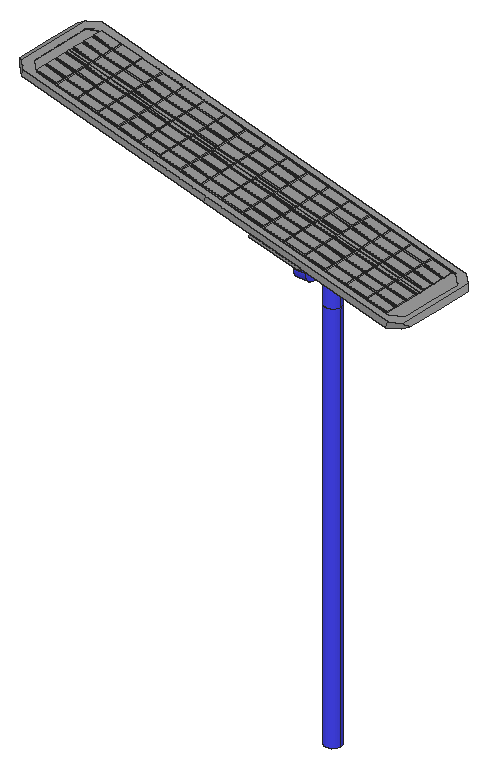
Revit family "BLS-10 & 8A", category Lighting Fixtures, host Face, Revit 2023 (continued)
Definition of nested family "BLS-10 & 8A - LIGHT FIXTURE"
  Nested families (ft)
    nested 2: "SOLAR CELLS" at (-1.133228, 0, 1.111308), type "SOLAR CELLS"
    nested 3: "SOLAR CELLS" at (-1.133228, 0, 1.111308), type "SOLAR CELLS"
    nested 4: "LED" at (-1.1059, 0, 1.500744), type "LED"
    nested 5: "DRIVER" at (-1.070728, 0, 1.092379), type "DRIVER"
    nested 6: "BRACKET" at (-1.057707, 0, 1.053316), type "BRACKET"
  Definition of nested family "SOLAR PANNEL"
    Parameters (values of type "SOLAR PANNEL")
      PANEL = none
      Default Elevation = 0.0 ft
    Reference planes (ft)
      plane 1 "Center (Front/Back)": y = 0
      plane 2: z = 0
      plane 3 "Center (Left/Right)": x = 0
      plane 4: x = -2.5625
      plane 5: x = 2.5625
    Forms (ft)
      Extrusion 1, solid, material <- "PANEL"
        sketch origin (-0.080496, 0, 0.017619) x (0.965926, 0, -0.258819) y (0, 1, 0)
          loop
            line (0, 0.625) -> (-2.395833, 0.625) -> (-2.5625, 0.458333) -> (-2.5625, 0) -> (-2.5625, -0.458333) -> (-2.395833, -0.625) -> (0, -0.625) -> (2.395833, -0.625) -> (2.5625, -0.458333) -> (2.5625, 0) -> (2.5625, 0.458333) -> (2.395833, 0.625) -> (0, 0.625)
        from 0 to 0.071648
      Extrusion 2, void
        sketch origin (-0.080496, 0, 0.017619) x (0.965926, 0, -0.258819) y (0.258819, 0, 0.965926)
          loop
            line (-2.509815, 0.071648) -> (-2.509815, 0.085602) -> (-2.598443, 0.085602) -> (-2.598443, -0.014686) -> (-2.509815, -0.014686) -> (-2.509815, 0) -> (-2.5625, 0.035824) -> (-2.509815, 0.071648)
        from -0.751194 to 0.763671
      Extrusion 3, void
        sketch origin (-0.080496, 0, 0.017619) x (-0.965926, 0, 0.258819) y (-0.258819, 0, -0.965926)
          loop
            line (-2.509815, -0.071648) -> (-2.5625, -0.035824) -> (-2.509815, 0) -> (-2.509815, 0.014686) -> (-2.598443, 0.014686) -> (-2.598443, -0.085602) -> (-2.509815, -0.085602) -> (-2.509815, -0.071648)
        from -0.751194 to 0.763671
      Extrusion 4, void
        sketch origin (-0.080496, 0, 0.017619) x (0.965926, 0, -0.258819) y (0, 1, 0)
          loop
            line (0, 0.535482) -> (-2.317981, 0.535482) -> (-2.441732, 0.411731) -> (-2.441732, 0) -> (-2.441732, -0.411731) -> (-2.317981, -0.535482) -> (0, -0.535482) -> (2.317981, -0.535482) -> (2.441732, -0.411731) -> (2.441732, 0) -> (2.441732, 0.411731) -> (2.317981, 0.535482) -> (0, 0.535482)
        from 0 to 0.008578
      Extrusion 5, void
        sketch origin (-0.047849, 0, 0.074167) x (0.965926, 0, -0.258819) y (0, 1, 0)
          loop
            line (0, 0.535482) -> (-2.317981, 0.535482) -> (-2.441732, 0.411731) -> (-2.441732, 0) -> (-2.441732, -0.411731) -> (-2.317981, -0.535482) -> (0, -0.535482) -> (2.317981, -0.535482) -> (2.441732, -0.411731) -> (2.441732, 0) -> (2.441732, 0.411731) -> (2.317981, 0.535482) -> (0, 0.535482)
        from 0 to 0.008578
    Cuts and joins
      Extrusion 2, Extrusion 3, Extrusion 4, Extrusion 5 cuts Extrusion 1
    Lines and regions (ft)
      reference lines
        curve 1: line (-2.486247, 0, 0.736414) -> (-2.546409, 0, 0.715447)
        curve 2: line (-2.504791, 0, 0.667207) -> (-2.546409, 0, 0.715447)
    Dimensions and locks (ft)
      aligned and locked: plane 2 to level
  Definition of nested family "SOLAR CELLS"
    Parameters (values of type "SOLAR CELLS")
      SOLAR PANEL = none
      Default Elevation = 0.0 ft
    Reference planes (ft)
      plane 1 "Center (Front/Back)": y = 0
      plane 2: z = 0
      plane 3 "Center (Left/Right)": x = 0
      plane 4: through (0, -15, 0) normal (-0.2588, 0, 0.9659)
    Forms (ft)
      Extrusion 1, solid, material <- "SOLAR PANEL"
        sketch origin (-0.00078, 0, 0.000446) x (0.965926, 0, -0.258819) y (0, 1, 0)
          loop
            line (-2.301929, 0.513338) -> (-2.301929, 0.388338) -> (-2.051929, 0.388338) -> (-2.051929, 0.513338) -> (-2.301929, 0.513338)
        from -0.007337 to 0
      Extrusion 2, solid, material <- "SOLAR PANEL"
        sketch origin (4.204993, 0, -1.126606) x (0.965926, 0, -0.258819) y (0, 1, 0)
          loop
            line (-2.301929, 0.513338) -> (-2.301929, 0.388338) -> (-2.051929, 0.388338) -> (-2.051929, 0.513338) -> (-2.301929, 0.513338)
        from -0.007337 to 0
      Extrusion 3, solid, material <- "SOLAR PANEL"
        sketch origin (0.262054, 0, -0.070099) x (0.965926, 0, -0.258819) y (0, 1, 0)
          loop
            line (-2.301929, 0.513338) -> (-2.301929, 0.388338) -> (-2.051929, 0.388338) -> (-2.051929, 0.513338) -> (-2.301929, 0.513338)
        from -0.007337 to 0
      Extrusion 4, solid, material <- "SOLAR PANEL"
        sketch origin (0.524916, 0, -0.140533) x (0.965926, 0, -0.258819) y (0, 1, 0)
          loop
            line (-2.301929, 0.513338) -> (-2.301929, 0.388338) -> (-2.051929, 0.388338) -> (-2.051929, 0.513338) -> (-2.301929, 0.513338)
        from -0.007337 to 0
      Extrusion 5, solid, material <- "SOLAR PANEL"
        sketch origin (0.787779, 0, -0.210966) x (0.965926, 0, -0.258819) y (0, 1, 0)
          loop
            line (-2.301929, 0.513338) -> (-2.301929, 0.388338) -> (-2.051929, 0.388338) -> (-2.051929, 0.513338) -> (-2.301929, 0.513338)
        from -0.007337 to 0
      Extrusion 6, solid, material <- "SOLAR PANEL"
        sketch origin (1.050641, 0, -0.2814) x (0.965926, 0, -0.258819) y (0, 1, 0)
          loop
            line (-2.301929, 0.513338) -> (-2.301929, 0.388338) -> (-2.051929, 0.388338) -> (-2.051929, 0.513338) -> (-2.301929, 0.513338)
        from -0.007337 to 0
      Extrusion 7, solid, material <- "SOLAR PANEL"
        sketch origin (1.313504, 0, -0.351834) x (0.965926, 0, -0.258819) y (0, 1, 0)
          loop
            line (-2.301929, 0.513338) -> (-2.301929, 0.388338) -> (-2.051929, 0.388338) -> (-2.051929, 0.513338) -> (-2.301929, 0.513338)
        from -0.007337 to 0
      Extrusion 8, solid, material <- "SOLAR PANEL"
        sketch origin (1.576367, 0, -0.422268) x (0.965926, 0, -0.258819) y (0, 1, 0)
          loop
            line (-2.301929, 0.513338) -> (-2.301929, 0.388338) -> (-2.051929, 0.388338) -> (-2.051929, 0.513338) -> (-2.301929, 0.513338)
        from -0.007337 to 0
      Extrusion 9, solid, material <- "SOLAR PANEL"
        sketch origin (1.839229, 0, -0.492702) x (0.965926, 0, -0.258819) y (0, 1, 0)
          loop
            line (-2.301929, 0.513338) -> (-2.301929, 0.388338) -> (-2.051929, 0.388338) -> (-2.051929, 0.513338) -> (-2.301929, 0.513338)
        from -0.007337 to 0
      Extrusion 10, solid, material <- "SOLAR PANEL"
        sketch origin (2.102092, 0, -0.563135) x (0.965926, 0, -0.258819) y (0, 1, 0)
          loop
            line (-2.301929, 0.513338) -> (-2.301929, 0.388338) -> (-2.051929, 0.388338) -> (-2.051929, 0.513338) -> (-2.301929, 0.513338)
        from -0.007337 to 0
      Extrusion 11, solid, material <- "SOLAR PANEL"
        sketch origin (2.364955, 0, -0.633569) x (0.965926, 0, -0.258819) y (0, 1, 0)
          loop
            line (-2.301929, 0.513338) -> (-2.301929, 0.388338) -> (-2.051929, 0.388338) -> (-2.051929, 0.513338) -> (-2.301929, 0.513338)
        from -0.007337 to 0
      Extrusion 12, solid, material <- "SOLAR PANEL"
        sketch origin (2.627817, 0, -0.704003) x (0.965926, 0, -0.258819) y (0, 1, 0)
          loop
            line (-2.301929, 0.513338) -> (-2.301929, 0.388338) -> (-2.051929, 0.388338) -> (-2.051929, 0.513338) -> (-2.301929, 0.513338)
        from -0.007337 to 0
      Extrusion 13, solid, material <- "SOLAR PANEL"
        sketch origin (2.89068, 0, -0.774437) x (0.965926, 0, -0.258819) y (0, 1, 0)
          loop
            line (-2.301929, 0.513338) -> (-2.301929, 0.388338) -> (-2.051929, 0.388338) -> (-2.051929, 0.513338) -> (-2.301929, 0.513338)
        from -0.007337 to 0
      Extrusion 14, solid, material <- "SOLAR PANEL"
        sketch origin (3.153542, 0, -0.844871) x (0.965926, 0, -0.258819) y (0, 1, 0)
          loop
            line (-2.301929, 0.513338) -> (-2.301929, 0.388338) -> (-2.051929, 0.388338) -> (-2.051929, 0.513338) -> (-2.301929, 0.513338)
        from -0.007337 to 0
      Extrusion 15, solid, material <- "SOLAR PANEL"
        sketch origin (3.416405, 0, -0.915305) x (0.965926, 0, -0.258819) y (0, 1, 0)
          loop
            line (-2.301929, 0.513338) -> (-2.301929, 0.388338) -> (-2.051929, 0.388338) -> (-2.051929, 0.513338) -> (-2.301929, 0.513338)
        from -0.007337 to 0
      Extrusion 16, solid, material <- "SOLAR PANEL"
        sketch origin (3.679268, 0, -0.985738) x (0.965926, 0, -0.258819) y (0, 1, 0)
          loop
            line (-2.301929, 0.513338) -> (-2.301929, 0.388338) -> (-2.051929, 0.388338) -> (-2.051929, 0.513338) -> (-2.301929, 0.513338)
        from -0.007337 to 0
      Extrusion 17, solid, material <- "SOLAR PANEL"
        sketch origin (3.94213, 0, -1.056172) x (0.965926, 0, -0.258819) y (0, 1, 0)
          loop
            line (-2.301929, 0.513338) -> (-2.301929, 0.388338) -> (-2.051929, 0.388338) -> (-2.051929, 0.513338) -> (-2.301929, 0.513338)
        from -0.007337 to 0
      Extrusion 18, solid, material <- "SOLAR PANEL"
        sketch origin (-0.000809, -0.15625, 0.000335) x (0.965926, 0, -0.258819) y (0, 1, 0)
          loop
            line (-2.301929, 0.513338) -> (-2.301929, 0.388338) -> (-2.051929, 0.388338) -> (-2.051929, 0.513338) -> (-2.301929, 0.513338)
        from -0.007337 to 0
      Extrusion 19, solid, material <- "SOLAR PANEL"
        sketch origin (-0.000809, -0.3125, 0.000335) x (0.965926, 0, -0.258819) y (0, 1, 0)
          loop
            line (-2.301929, 0.513338) -> (-2.301929, 0.388338) -> (-2.051929, 0.388338) -> (-2.051929, 0.513338) -> (-2.301929, 0.513338)
        from -0.007337 to 0
      Extrusion 20, solid, material <- "SOLAR PANEL"
        sketch origin (4.204993, -0.15625, -1.126606) x (0.965926, 0, -0.258819) y (0, 1, 0)
          loop
            line (-2.301929, 0.513338) -> (-2.301929, 0.388338) -> (-2.051929, 0.388338) -> (-2.051929, 0.513338) -> (-2.301929, 0.513338)
        from -0.007337 to 0
      Extrusion 21, solid, material <- "SOLAR PANEL"
        sketch origin (0.262054, -0.15625, -0.070099) x (0.965926, 0, -0.258819) y (0, 1, 0)
          loop
            line (-2.301929, 0.513338) -> (-2.301929, 0.388338) -> (-2.051929, 0.388338) -> (-2.051929, 0.513338) -> (-2.301929, 0.513338)
        from -0.007337 to 0
      Extrusion 22, solid, material <- "SOLAR PANEL"
        sketch origin (0.524916, -0.15625, -0.140533) x (0.965926, 0, -0.258819) y (0, 1, 0)
          loop
            line (-2.301929, 0.513338) -> (-2.301929, 0.388338) -> (-2.051929, 0.388338) -> (-2.051929, 0.513338) -> (-2.301929, 0.513338)
        from -0.007337 to 0
      Extrusion 23, solid, material <- "SOLAR PANEL"
        sketch origin (0.787779, -0.15625, -0.210966) x (0.965926, 0, -0.258819) y (0, 1, 0)
          loop
            line (-2.301929, 0.513338) -> (-2.301929, 0.388338) -> (-2.051929, 0.388338) -> (-2.051929, 0.513338) -> (-2.301929, 0.513338)
        from -0.007337 to 0
      Extrusion 24, solid, material <- "SOLAR PANEL"
        sketch origin (1.050641, -0.15625, -0.2814) x (0.965926, 0, -0.258819) y (0, 1, 0)
          loop
            line (-2.301929, 0.513338) -> (-2.301929, 0.388338) -> (-2.051929, 0.388338) -> (-2.051929, 0.513338) -> (-2.301929, 0.513338)
        from -0.007337 to 0
      Extrusion 25, solid, material <- "SOLAR PANEL"
        sketch origin (1.313504, -0.15625, -0.351834) x (0.965926, 0, -0.258819) y (0, 1, 0)
          loop
            line (-2.301929, 0.513338) -> (-2.301929, 0.388338) -> (-2.051929, 0.388338) -> (-2.051929, 0.513338) -> (-2.301929, 0.513338)
        from -0.007337 to 0
      Extrusion 26, solid, material <- "SOLAR PANEL"
        sketch origin (1.576367, -0.15625, -0.422268) x (0.965926, 0, -0.258819) y (0, 1, 0)
          loop
            line (-2.301929, 0.513338) -> (-2.301929, 0.388338) -> (-2.051929, 0.388338) -> (-2.051929, 0.513338) -> (-2.301929, 0.513338)
        from -0.007337 to 0
      Extrusion 27, solid, material <- "SOLAR PANEL"
        sketch origin (1.839229, -0.15625, -0.492702) x (0.965926, 0, -0.258819) y (0, 1, 0)
          loop
            line (-2.301929, 0.513338) -> (-2.301929, 0.388338) -> (-2.051929, 0.388338) -> (-2.051929, 0.513338) -> (-2.301929, 0.513338)
        from -0.007337 to 0
      Extrusion 28, solid, material <- "SOLAR PANEL"
        sketch origin (2.102092, -0.15625, -0.563135) x (0.965926, 0, -0.258819) y (0, 1, 0)
          loop
            line (-2.301929, 0.513338) -> (-2.301929, 0.388338) -> (-2.051929, 0.388338) -> (-2.051929, 0.513338) -> (-2.301929, 0.513338)
        from -0.007337 to 0
      Extrusion 29, solid, material <- "SOLAR PANEL"
        sketch origin (2.364955, -0.15625, -0.633569) x (0.965926, 0, -0.258819) y (0, 1, 0)
          loop
            line (-2.301929, 0.513338) -> (-2.301929, 0.388338) -> (-2.051929, 0.388338) -> (-2.051929, 0.513338) -> (-2.301929, 0.513338)
        from -0.007337 to 0
      Extrusion 30, solid, material <- "SOLAR PANEL"
        sketch origin (2.627817, -0.15625, -0.704003) x (0.965926, 0, -0.258819) y (0, 1, 0)
          loop
            line (-2.301929, 0.513338) -> (-2.301929, 0.388338) -> (-2.051929, 0.388338) -> (-2.051929, 0.513338) -> (-2.301929, 0.513338)
        from -0.007337 to 0
      Extrusion 31, solid, material <- "SOLAR PANEL"
        sketch origin (2.89068, -0.15625, -0.774437) x (0.965926, 0, -0.258819) y (0, 1, 0)
          loop
            line (-2.301929, 0.513338) -> (-2.301929, 0.388338) -> (-2.051929, 0.388338) -> (-2.051929, 0.513338) -> (-2.301929, 0.513338)
        from -0.007337 to 0
      Extrusion 32, solid, material <- "SOLAR PANEL"
        sketch origin (3.153542, -0.15625, -0.844871) x (0.965926, 0, -0.258819) y (0, 1, 0)
          loop
            line (-2.301929, 0.513338) -> (-2.301929, 0.388338) -> (-2.051929, 0.388338) -> (-2.051929, 0.513338) -> (-2.301929, 0.513338)
        from -0.007337 to 0
      Extrusion 33, solid, material <- "SOLAR PANEL"
        sketch origin (3.416405, -0.15625, -0.915305) x (0.965926, 0, -0.258819) y (0, 1, 0)
          loop
            line (-2.301929, 0.513338) -> (-2.301929, 0.388338) -> (-2.051929, 0.388338) -> (-2.051929, 0.513338) -> (-2.301929, 0.513338)
        from -0.007337 to 0
      Extrusion 34, solid, material <- "SOLAR PANEL"
        sketch origin (3.679268, -0.15625, -0.985738) x (0.965926, 0, -0.258819) y (0, 1, 0)
          loop
            line (-2.301929, 0.513338) -> (-2.301929, 0.388338) -> (-2.051929, 0.388338) -> (-2.051929, 0.513338) -> (-2.301929, 0.513338)
        from -0.007337 to 0
      Extrusion 35, solid, material <- "SOLAR PANEL"
        sketch origin (3.94213, -0.15625, -1.056172) x (0.965926, 0, -0.258819) y (0, 1, 0)
          loop
            line (-2.301929, 0.513338) -> (-2.301929, 0.388338) -> (-2.051929, 0.388338) -> (-2.051929, 0.513338) -> (-2.301929, 0.513338)
        from -0.007337 to 0
      Extrusion 36, solid, material <- "SOLAR PANEL"
        sketch origin (4.204993, -0.3125, -1.126606) x (0.965926, 0, -0.258819) y (0, 1, 0)
          loop
            line (-2.301929, 0.513338) -> (-2.301929, 0.388338) -> (-2.051929, 0.388338) -> (-2.051929, 0.513338) -> (-2.301929, 0.513338)
        from -0.007337 to 0
      Extrusion 37, solid, material <- "SOLAR PANEL"
        sketch origin (0.262054, -0.3125, -0.070099) x (0.965926, 0, -0.258819) y (0, 1, 0)
          loop
            line (-2.301929, 0.513338) -> (-2.301929, 0.388338) -> (-2.051929, 0.388338) -> (-2.051929, 0.513338) -> (-2.301929, 0.513338)
        from -0.007337 to 0
      Extrusion 38, solid, material <- "SOLAR PANEL"
        sketch origin (0.524916, -0.3125, -0.140533) x (0.965926, 0, -0.258819) y (0, 1, 0)
          loop
            line (-2.301929, 0.513338) -> (-2.301929, 0.388338) -> (-2.051929, 0.388338) -> (-2.051929, 0.513338) -> (-2.301929, 0.513338)
        from -0.007337 to 0
      Extrusion 39, solid, material <- "SOLAR PANEL"
        sketch origin (0.787779, -0.3125, -0.210966) x (0.965926, 0, -0.258819) y (0, 1, 0)
          loop
            line (-2.301929, 0.513338) -> (-2.301929, 0.388338) -> (-2.051929, 0.388338) -> (-2.051929, 0.513338) -> (-2.301929, 0.513338)
        from -0.007337 to 0
      Extrusion 40, solid, material <- "SOLAR PANEL"
        sketch origin (1.050641, -0.3125, -0.2814) x (0.965926, 0, -0.258819) y (0, 1, 0)
          loop
            line (-2.301929, 0.513338) -> (-2.301929, 0.388338) -> (-2.051929, 0.388338) -> (-2.051929, 0.513338) -> (-2.301929, 0.513338)
        from -0.007337 to 0
      Extrusion 41, solid, material <- "SOLAR PANEL"
        sketch origin (1.313504, -0.3125, -0.351834) x (0.965926, 0, -0.258819) y (0, 1, 0)
          loop
            line (-2.301929, 0.513338) -> (-2.301929, 0.388338) -> (-2.051929, 0.388338) -> (-2.051929, 0.513338) -> (-2.301929, 0.513338)
        from -0.007337 to 0
      Extrusion 42, solid, material <- "SOLAR PANEL"
        sketch origin (1.576367, -0.3125, -0.422268) x (0.965926, 0, -0.258819) y (0, 1, 0)
          loop
            line (-2.301929, 0.513338) -> (-2.301929, 0.388338) -> (-2.051929, 0.388338) -> (-2.051929, 0.513338) -> (-2.301929, 0.513338)
        from -0.007337 to 0
      Extrusion 43, solid, material <- "SOLAR PANEL"
        sketch origin (1.839229, -0.3125, -0.492702) x (0.965926, 0, -0.258819) y (0, 1, 0)
          loop
            line (-2.301929, 0.513338) -> (-2.301929, 0.388338) -> (-2.051929, 0.388338) -> (-2.051929, 0.513338) -> (-2.301929, 0.513338)
        from -0.007337 to 0
      Extrusion 44, solid, material <- "SOLAR PANEL"
        sketch origin (2.102092, -0.3125, -0.563135) x (0.965926, 0, -0.258819) y (0, 1, 0)
          loop
            line (-2.301929, 0.513338) -> (-2.301929, 0.388338) -> (-2.051929, 0.388338) -> (-2.051929, 0.513338) -> (-2.301929, 0.513338)
        from -0.007337 to 0
      Extrusion 45, solid, material <- "SOLAR PANEL"
        sketch origin (2.364955, -0.3125, -0.633569) x (0.965926, 0, -0.258819) y (0, 1, 0)
          loop
            line (-2.301929, 0.513338) -> (-2.301929, 0.388338) -> (-2.051929, 0.388338) -> (-2.051929, 0.513338) -> (-2.301929, 0.513338)
        from -0.007337 to 0
      Extrusion 46, solid, material <- "SOLAR PANEL"
        sketch origin (2.627817, -0.3125, -0.704003) x (0.965926, 0, -0.258819) y (0, 1, 0)
          loop
            line (-2.301929, 0.513338) -> (-2.301929, 0.388338) -> (-2.051929, 0.388338) -> (-2.051929, 0.513338) -> (-2.301929, 0.513338)
        from -0.007337 to 0
      Extrusion 47, solid, material <- "SOLAR PANEL"
        sketch origin (2.89068, -0.3125, -0.774437) x (0.965926, 0, -0.258819) y (0, 1, 0)
          loop
            line (-2.301929, 0.513338) -> (-2.301929, 0.388338) -> (-2.051929, 0.388338) -> (-2.051929, 0.513338) -> (-2.301929, 0.513338)
        from -0.007337 to 0
      Extrusion 48, solid, material <- "SOLAR PANEL"
        sketch origin (3.153542, -0.3125, -0.844871) x (0.965926, 0, -0.258819) y (0, 1, 0)
          loop
            line (-2.301929, 0.513338) -> (-2.301929, 0.388338) -> (-2.051929, 0.388338) -> (-2.051929, 0.513338) -> (-2.301929, 0.513338)
        from -0.007337 to 0
      Extrusion 49, solid, material <- "SOLAR PANEL"
        sketch origin (3.416405, -0.3125, -0.915305) x (0.965926, 0, -0.258819) y (0, 1, 0)
          loop
            line (-2.301929, 0.513338) -> (-2.301929, 0.388338) -> (-2.051929, 0.388338) -> (-2.051929, 0.513338) -> (-2.301929, 0.513338)
        from -0.007337 to 0
      Extrusion 50, solid, material <- "SOLAR PANEL"
        sketch origin (3.679268, -0.3125, -0.985738) x (0.965926, 0, -0.258819) y (0, 1, 0)
          loop
            line (-2.301929, 0.513338) -> (-2.301929, 0.388338) -> (-2.051929, 0.388338) -> (-2.051929, 0.513338) -> (-2.301929, 0.513338)
        from -0.007337 to 0
      Extrusion 51, solid, material <- "SOLAR PANEL"
        sketch origin (3.94213, -0.3125, -1.056172) x (0.965926, 0, -0.258819) y (0, 1, 0)
          loop
            line (-2.301929, 0.513338) -> (-2.301929, 0.388338) -> (-2.051929, 0.388338) -> (-2.051929, 0.513338) -> (-2.301929, 0.513338)
        from -0.007337 to 0
      Extrusion 52, solid, material <- "SOLAR PANEL"
        sketch origin (-0.000809, -0.46875, 0.000335) x (0.965926, 0, -0.258819) y (0, 1, 0)
          loop
            line (-2.301929, 0.513338) -> (-2.301929, 0.46875) -> (-2.051929, 0.46875) -> (-2.051929, 0.513338) -> (-2.301929, 0.513338)
        from -0.007337 to 0
      Extrusion 53, solid, material <- "SOLAR PANEL"
        sketch origin (4.207508, -0.46875, -1.12728) x (0.965926, 0, -0.258819) y (0, 1, 0)
          loop
            line (-2.301929, 0.513338) -> (-2.301929, 0.46875) -> (-2.051929, 0.46875) -> (-2.051929, 0.513338) -> (-2.301929, 0.513338)
        from -0.007337 to 0
      Extrusion 54, solid, material <- "SOLAR PANEL"
        sketch origin (0.262211, -0.46875, -0.070141) x (0.965926, 0, -0.258819) y (0, 1, 0)
          loop
            line (-2.301929, 0.513338) -> (-2.301929, 0.46875) -> (-2.051929, 0.46875) -> (-2.051929, 0.513338) -> (-2.301929, 0.513338)
        from -0.007337 to 0
      Extrusion 55, solid, material <- "SOLAR PANEL"
        sketch origin (0.525231, -0.46875, -0.140617) x (0.965926, 0, -0.258819) y (0, 1, 0)
          loop
            line (-2.301929, 0.513338) -> (-2.301929, 0.46875) -> (-2.051929, 0.46875) -> (-2.051929, 0.513338) -> (-2.301929, 0.513338)
        from -0.007337 to 0
      Extrusion 56, solid, material <- "SOLAR PANEL"
        sketch origin (0.78825, -0.46875, -0.211093) x (0.965926, 0, -0.258819) y (0, 1, 0)
          loop
            line (-2.301929, 0.513338) -> (-2.301929, 0.46875) -> (-2.051929, 0.46875) -> (-2.051929, 0.513338) -> (-2.301929, 0.513338)
        from -0.007337 to 0
      Extrusion 57, solid, material <- "SOLAR PANEL"
        sketch origin (1.05127, -0.46875, -0.281569) x (0.965926, 0, -0.258819) y (0, 1, 0)
          loop
            line (-2.301929, 0.513338) -> (-2.301929, 0.46875) -> (-2.051929, 0.46875) -> (-2.051929, 0.513338) -> (-2.301929, 0.513338)
        from -0.007337 to 0
      Extrusion 58, solid, material <- "SOLAR PANEL"
        sketch origin (1.31429, -0.46875, -0.352045) x (0.965926, 0, -0.258819) y (0, 1, 0)
          loop
            line (-2.301929, 0.513338) -> (-2.301929, 0.46875) -> (-2.051929, 0.46875) -> (-2.051929, 0.513338) -> (-2.301929, 0.513338)
        from -0.007337 to 0
      Extrusion 59, solid, material <- "SOLAR PANEL"
        sketch origin (1.57731, -0.46875, -0.422521) x (0.965926, 0, -0.258819) y (0, 1, 0)
          loop
            line (-2.301929, 0.513338) -> (-2.301929, 0.46875) -> (-2.051929, 0.46875) -> (-2.051929, 0.513338) -> (-2.301929, 0.513338)
        from -0.007337 to 0
      Extrusion 60, solid, material <- "SOLAR PANEL"
        sketch origin (1.84033, -0.46875, -0.492997) x (0.965926, 0, -0.258819) y (0, 1, 0)
          loop
            line (-2.301929, 0.513338) -> (-2.301929, 0.46875) -> (-2.051929, 0.46875) -> (-2.051929, 0.513338) -> (-2.301929, 0.513338)
        from -0.007337 to 0
      Extrusion 61, solid, material <- "SOLAR PANEL"
        sketch origin (2.10335, -0.46875, -0.563472) x (0.965926, 0, -0.258819) y (0, 1, 0)
          loop
            line (-2.301929, 0.513338) -> (-2.301929, 0.46875) -> (-2.051929, 0.46875) -> (-2.051929, 0.513338) -> (-2.301929, 0.513338)
        from -0.007337 to 0
      Extrusion 62, solid, material <- "SOLAR PANEL"
        sketch origin (2.366369, -0.46875, -0.633948) x (0.965926, 0, -0.258819) y (0, 1, 0)
          loop
            line (-2.301929, 0.513338) -> (-2.301929, 0.46875) -> (-2.051929, 0.46875) -> (-2.051929, 0.513338) -> (-2.301929, 0.513338)
        from -0.007337 to 0
      Extrusion 63, solid, material <- "SOLAR PANEL"
        sketch origin (2.629389, -0.46875, -0.704424) x (0.965926, 0, -0.258819) y (0, 1, 0)
          loop
            line (-2.301929, 0.513338) -> (-2.301929, 0.46875) -> (-2.051929, 0.46875) -> (-2.051929, 0.513338) -> (-2.301929, 0.513338)
        from -0.007337 to 0
      Extrusion 64, solid, material <- "SOLAR PANEL"
        sketch origin (2.892409, -0.46875, -0.7749) x (0.965926, 0, -0.258819) y (0, 1, 0)
          loop
            line (-2.301929, 0.513338) -> (-2.301929, 0.46875) -> (-2.051929, 0.46875) -> (-2.051929, 0.513338) -> (-2.301929, 0.513338)
        from -0.007337 to 0
      Extrusion 65, solid, material <- "SOLAR PANEL"
        sketch origin (3.155429, -0.46875, -0.845376) x (0.965926, 0, -0.258819) y (0, 1, 0)
          loop
            line (-2.301929, 0.513338) -> (-2.301929, 0.46875) -> (-2.051929, 0.46875) -> (-2.051929, 0.513338) -> (-2.301929, 0.513338)
        from -0.007337 to 0
      Extrusion 66, solid, material <- "SOLAR PANEL"
        sketch origin (3.418449, -0.46875, -0.915852) x (0.965926, 0, -0.258819) y (0, 1, 0)
          loop
            line (-2.301929, 0.513338) -> (-2.301929, 0.46875) -> (-2.051929, 0.46875) -> (-2.051929, 0.513338) -> (-2.301929, 0.513338)
        from -0.007337 to 0
      Extrusion 67, solid, material <- "SOLAR PANEL"
        sketch origin (3.681469, -0.46875, -0.986328) x (0.965926, 0, -0.258819) y (0, 1, 0)
          loop
            line (-2.301929, 0.513338) -> (-2.301929, 0.46875) -> (-2.051929, 0.46875) -> (-2.051929, 0.513338) -> (-2.301929, 0.513338)
        from -0.007337 to 0
      Extrusion 68, solid, material <- "SOLAR PANEL"
        sketch origin (3.944489, -0.46875, -1.056804) x (0.965926, 0, -0.258819) y (0, 1, 0)
          loop
            line (-2.301929, 0.513338) -> (-2.301929, 0.46875) -> (-2.051929, 0.46875) -> (-2.051929, 0.513338) -> (-2.301929, 0.513338)
        from -0.007337 to 0
    Dimensions and locks (ft)
      equal spacing: group 1, group 3, group 4, group 5, group 6, group 7, group 8, group 9, group 10, group 11, group 12, group 13, group 14, group 15, group 16, group 17, group 2  (x2)
      equal spacing: group 2, group 17, group 16, group 15, group 14, group 13, group 12, group 11, group 10, group 9, group 8, group 7, group 6, group 5, group 4, group 3, group 1
      equal spacing: group 18, group 21, group 22, group 23, group 24, group 25, group 26, group 27, group 28, group 29, group 30, group 31, group 32, group 33, group 34, group 35, group 20  (x2)
      equal spacing: group 20, group 35, group 34, group 33, group 32, group 31, group 30, group 29, group 28, group 27, group 26, group 25, group 24, group 23, group 22, group 21, group 18
      equal spacing: group 19, group 37, group 38, group 39, group 40, group 41, group 42, group 43, group 44, group 45, group 46, group 47, group 48, group 49, group 50, group 51, group 36  (x2)
      equal spacing: group 36, group 51, group 50, group 49, group 48, group 47, group 46, group 45, group 44, group 43, group 42, group 41, group 40, group 39, group 38, group 37, group 19
      equal spacing: group 52, group 54, group 55, group 56, group 57, group 58, group 59, group 60, group 61, group 62, group 63, group 64, group 65, group 66, group 67, group 68, group 53  (x2)
      equal spacing: group 53, group 68, group 67, group 66, group 65, group 64, group 63, group 62, group 61, group 60, group 59, group 58, group 57, group 56, group 55, group 54, group 52
      aligned and locked: plane 2 to level
  Definition of nested family "LED"
    Parameters (values of type "LED")
      PANEL = none
      LENS = none
      LED CHIP = none
      Default Elevation = 0.0 ft
    Reference planes (ft)
      plane 1 "Center (Front/Back)": y = 0
      plane 2: z = 0
      plane 3 "Center (Left/Right)": x = 0
    Forms (ft)
      Extrusion 1, solid, material <- "LED CHIP"
        sketch origin (-2.300352, 0, -0.370938) x (-0.965878, 0, 0.258996) y (0, 1, 0)
          loop
            circle (-2.0653, 0.192913) r 0.0625
        from -0.492008 to -0.480513
      Extrusion 2, solid, material <- "LENS"
        sketch origin (-2.289253, 0, -0.388806) x (-0.967417, 0, 0.253187) y (0, 1, 0)
          loop
            line (-2.144424, 0.272633) -> (-2.144424, 0.105966)
            arc (-2.144424, 0.105966) -> (-2.050674, 0.06626) -> (-1.956924, 0.105966) r 0.13053
            line (-1.956924, 0.105966) -> (-1.956924, 0.272633)
            arc (-1.956924, 0.272633) -> (-2.050674, 0.312339) -> (-2.144424, 0.272633) r 0.13053
        from -0.494077 to -0.45051
      Extrusion 3, solid, material <- "LED CHIP"
        sketch origin (-2.545955, 0, -0.304817) x (-0.965878, 0, 0.258996) y (0, 1, 0)
          loop
            circle (-2.0653, 0.192913) r 0.0625
        from -0.492008 to -0.480513
      Extrusion 4, solid, material <- "LENS"
        sketch origin (-2.530822, 0, -0.32351) x (-0.967417, 0, 0.253187) y (0, 1, 0)
          loop
            line (-2.144424, 0.272633) -> (-2.144424, 0.105966)
            arc (-2.144424, 0.105966) -> (-2.050674, 0.06626) -> (-1.956924, 0.105966) r 0.13053
            line (-1.956924, 0.105966) -> (-1.956924, 0.272633)
            arc (-1.956924, 0.272633) -> (-2.050674, 0.312339) -> (-2.144424, 0.272633) r 0.13053
        from -0.494077 to -0.45051
      Extrusion 5, solid, material <- "LED CHIP"
        sketch origin (-2.770901, 0, -0.244798) x (-0.965878, 0, 0.258996) y (0, 1, 0)
          loop
            circle (-2.0653, 0.192913) r 0.0625
        from -0.492008 to -0.480513
      Extrusion 6, solid, material <- "LENS"
        sketch origin (-2.759802, 0, -0.262666) x (-0.967417, 0, 0.253187) y (0, 1, 0)
          loop
            line (-2.144424, 0.272633) -> (-2.144424, 0.105966)
            arc (-2.144424, 0.105966) -> (-2.050674, 0.06626) -> (-1.956924, 0.105966) r 0.13053
            line (-1.956924, 0.105966) -> (-1.956924, 0.272633)
            arc (-1.956924, 0.272633) -> (-2.050674, 0.312339) -> (-2.144424, 0.272633) r 0.13053
        from -0.494077 to -0.45051
      Extrusion 7, solid, material <- "LED CHIP"
        sketch origin (-3.010215, 0, -0.180805) x (-0.965878, 0, 0.258996) y (0, 1, 0)
          loop
            circle (-2.0653, 0.192913) r 0.0625
        from -0.492008 to -0.480513
      Extrusion 8, solid, material <- "LENS"
        sketch origin (-2.999116, 0, -0.198673) x (-0.967417, 0, 0.253187) y (0, 1, 0)
          loop
            line (-2.144424, 0.272633) -> (-2.144424, 0.105966)
            arc (-2.144424, 0.105966) -> (-2.050674, 0.06626) -> (-1.956924, 0.105966) r 0.13053
            line (-1.956924, 0.105966) -> (-1.956924, 0.272633)
            arc (-1.956924, 0.272633) -> (-2.050674, 0.312339) -> (-2.144424, 0.272633) r 0.13053
        from -0.494077 to -0.45051
      Extrusion 9, solid, material <- "LED CHIP"
        sketch origin (-2.300352, 0, -0.370938) x (-0.965878, 0, 0.258996) y (0, 1, 0)
          loop
            circle (-2.0653, -0.192913) r 0.0625
        from -0.492008 to -0.480513
      Extrusion 10, solid, material <- "LENS"
        sketch origin (-2.289253, 0, -0.388806) x (-0.967417, 0, 0.253187) y (0, 1, 0)
          loop
            arc (-2.144424, -0.272633) -> (-2.050674, -0.312339) -> (-1.956924, -0.272633) r 0.13053
            line (-1.956924, -0.272633) -> (-1.956924, -0.105966)
            arc (-1.956924, -0.105966) -> (-2.050674, -0.06626) -> (-2.144424, -0.105966) r 0.13053
            line (-2.144424, -0.105966) -> (-2.144424, -0.272633)
        from -0.494077 to -0.45051
      Extrusion 11, solid, material <- "LED CHIP"
        sketch origin (-2.545955, 0, -0.304817) x (-0.965878, 0, 0.258996) y (0, 1, 0)
          loop
            circle (-2.0653, -0.192913) r 0.0625
        from -0.492008 to -0.480513
      Extrusion 12, solid, material <- "LENS"
        sketch origin (-2.530822, 0, -0.32351) x (-0.967417, 0, 0.253187) y (0, 1, 0)
          loop
            arc (-2.144424, -0.272633) -> (-2.050674, -0.312339) -> (-1.956924, -0.272633) r 0.13053
            line (-1.956924, -0.272633) -> (-1.956924, -0.105966)
            arc (-1.956924, -0.105966) -> (-2.050674, -0.06626) -> (-2.144424, -0.105966) r 0.13053
            line (-2.144424, -0.105966) -> (-2.144424, -0.272633)
        from -0.494077 to -0.45051
      Extrusion 13, solid, material <- "LED CHIP"
        sketch origin (-2.770901, 0, -0.244798) x (-0.965878, 0, 0.258996) y (0, 1, 0)
          loop
            circle (-2.0653, -0.192913) r 0.0625
        from -0.492008 to -0.480513
      Extrusion 14, solid, material <- "LENS"
        sketch origin (-2.759802, 0, -0.262666) x (-0.967417, 0, 0.253187) y (0, 1, 0)
          loop
            arc (-2.144424, -0.272633) -> (-2.050674, -0.312339) -> (-1.956924, -0.272633) r 0.13053
            line (-1.956924, -0.272633) -> (-1.956924, -0.105966)
            arc (-1.956924, -0.105966) -> (-2.050674, -0.06626) -> (-2.144424, -0.105966) r 0.13053
            line (-2.144424, -0.105966) -> (-2.144424, -0.272633)
        from -0.494077 to -0.45051
      Extrusion 15, solid, material <- "LED CHIP"
        sketch origin (-3.010215, 0, -0.180805) x (-0.965878, 0, 0.258996) y (0, 1, 0)
          loop
            circle (-2.0653, -0.192913) r 0.0625
        from -0.492008 to -0.480513
      Extrusion 16, solid, material <- "LENS"
        sketch origin (-2.999116, 0, -0.198673) x (-0.967417, 0, 0.253187) y (0, 1, 0)
          loop
            arc (-2.144424, -0.272633) -> (-2.050674, -0.312339) -> (-1.956924, -0.272633) r 0.13053
            line (-1.956924, -0.272633) -> (-1.956924, -0.105966)
            arc (-1.956924, -0.105966) -> (-2.050674, -0.06626) -> (-2.144424, -0.105966) r 0.13053
            line (-2.144424, -0.105966) -> (-2.144424, -0.272633)
        from -0.494077 to -0.45051
      Extrusion 17, solid, material <- "LED CHIP"
        sketch origin (-3.464553, 0, -0.058792) x (-0.965878, 0, 0.258996) y (0, 1, 0)
          loop
            circle (-2.0653, 0.192913) r 0.0625
        from -0.492008 to -0.480513
      Extrusion 18, solid, material <- "LENS"
        sketch origin (-3.453454, 0, -0.076659) x (-0.967417, 0, 0.253187) y (0, 1, 0)
          loop
            line (-2.144424, 0.272633) -> (-2.144424, 0.105966)
            arc (-2.144424, 0.105966) -> (-2.050674, 0.06626) -> (-1.956924, 0.105966) r 0.13053
            line (-1.956924, 0.105966) -> (-1.956924, 0.272633)
            arc (-1.956924, 0.272633) -> (-2.050674, 0.312339) -> (-2.144424, 0.272633) r 0.13053
        from -0.494077 to -0.45051
      Extrusion 19, solid, material <- "LED CHIP"
        sketch origin (-3.710156, 0, 0.00733) x (-0.965878, 0, 0.258996) y (0, 1, 0)
          loop
            circle (-2.0653, 0.192913) r 0.0625
        from -0.492008 to -0.480513
      Extrusion 20, solid, material <- "LENS"
        sketch origin (-3.695023, 0, -0.011364) x (-0.967417, 0, 0.253187) y (0, 1, 0)
          loop
            line (-2.144424, 0.272633) -> (-2.144424, 0.105966)
            arc (-2.144424, 0.105966) -> (-2.050674, 0.06626) -> (-1.956924, 0.105966) r 0.13053
            line (-1.956924, 0.105966) -> (-1.956924, 0.272633)
            arc (-1.956924, 0.272633) -> (-2.050674, 0.312339) -> (-2.144424, 0.272633) r 0.13053
        from -0.494077 to -0.45051
      Extrusion 21, solid, material <- "LED CHIP"
        sketch origin (-3.935102, 0, 0.067348) x (-0.965878, 0, 0.258996) y (0, 1, 0)
          loop
            circle (-2.0653, 0.192913) r 0.0625
        from -0.492008 to -0.480513
      Extrusion 22, solid, material <- "LENS"
        sketch origin (-3.924003, 0, 0.049481) x (-0.967417, 0, 0.253187) y (0, 1, 0)
          loop
            line (-2.144424, 0.272633) -> (-2.144424, 0.105966)
            arc (-2.144424, 0.105966) -> (-2.050674, 0.06626) -> (-1.956924, 0.105966) r 0.13053
            line (-1.956924, 0.105966) -> (-1.956924, 0.272633)
            arc (-1.956924, 0.272633) -> (-2.050674, 0.312339) -> (-2.144424, 0.272633) r 0.13053
        from -0.494077 to -0.45051
      Extrusion 23, solid, material <- "LED CHIP"
        sketch origin (-4.174416, 0, 0.131342) x (-0.965878, 0, 0.258996) y (0, 1, 0)
          loop
            circle (-2.0653, 0.192913) r 0.0625
        from -0.492008 to -0.480513
      Extrusion 24, solid, material <- "LENS"
        sketch origin (-4.163317, 0, 0.113474) x (-0.967417, 0, 0.253187) y (0, 1, 0)
          loop
            line (-2.144424, 0.272633) -> (-2.144424, 0.105966)
            arc (-2.144424, 0.105966) -> (-2.050674, 0.06626) -> (-1.956924, 0.105966) r 0.13053
            line (-1.956924, 0.105966) -> (-1.956924, 0.272633)
            arc (-1.956924, 0.272633) -> (-2.050674, 0.312339) -> (-2.144424, 0.272633) r 0.13053
        from -0.494077 to -0.45051
      Extrusion 25, solid, material <- "LED CHIP"
        sketch origin (-3.464553, 0, -0.058792) x (-0.965878, 0, 0.258996) y (0, 1, 0)
          loop
            circle (-2.0653, -0.192913) r 0.0625
        from -0.492008 to -0.480513
      Extrusion 26, solid, material <- "LENS"
        sketch origin (-3.453454, 0, -0.076659) x (-0.967417, 0, 0.253187) y (0, 1, 0)
          loop
            arc (-2.144424, -0.272633) -> (-2.050674, -0.312339) -> (-1.956924, -0.272633) r 0.13053
            line (-1.956924, -0.272633) -> (-1.956924, -0.105966)
            arc (-1.956924, -0.105966) -> (-2.050674, -0.06626) -> (-2.144424, -0.105966) r 0.13053
            line (-2.144424, -0.105966) -> (-2.144424, -0.272633)
        from -0.494077 to -0.45051
      Extrusion 27, solid, material <- "LED CHIP"
        sketch origin (-3.710156, 0, 0.00733) x (-0.965878, 0, 0.258996) y (0, 1, 0)
          loop
            circle (-2.0653, -0.192913) r 0.0625
        from -0.492008 to -0.480513
      Extrusion 28, solid, material <- "LENS"
        sketch origin (-3.695023, 0, -0.011364) x (-0.967417, 0, 0.253187) y (0, 1, 0)
          loop
            arc (-2.144424, -0.272633) -> (-2.050674, -0.312339) -> (-1.956924, -0.272633) r 0.13053
            line (-1.956924, -0.272633) -> (-1.956924, -0.105966)
            arc (-1.956924, -0.105966) -> (-2.050674, -0.06626) -> (-2.144424, -0.105966) r 0.13053
            line (-2.144424, -0.105966) -> (-2.144424, -0.272633)
        from -0.494077 to -0.45051
      Extrusion 29, solid, material <- "LED CHIP"
        sketch origin (-3.935102, 0, 0.067348) x (-0.965878, 0, 0.258996) y (0, 1, 0)
          loop
            circle (-2.0653, -0.192913) r 0.0625
        from -0.492008 to -0.480513
      Extrusion 30, solid, material <- "LENS"
        sketch origin (-3.924003, 0, 0.049481) x (-0.967417, 0, 0.253187) y (0, 1, 0)
          loop
            arc (-2.144424, -0.272633) -> (-2.050674, -0.312339) -> (-1.956924, -0.272633) r 0.13053
            line (-1.956924, -0.272633) -> (-1.956924, -0.105966)
            arc (-1.956924, -0.105966) -> (-2.050674, -0.06626) -> (-2.144424, -0.105966) r 0.13053
            line (-2.144424, -0.105966) -> (-2.144424, -0.272633)
        from -0.494077 to -0.45051
      Extrusion 31, solid, material <- "LED CHIP"
        sketch origin (-4.174416, 0, 0.131342) x (-0.965878, 0, 0.258996) y (0, 1, 0)
          loop
            circle (-2.0653, -0.192913) r 0.0625
        from -0.492008 to -0.480513
      Extrusion 32, solid, material <- "LENS"
        sketch origin (-4.163317, 0, 0.113474) x (-0.967417, 0, 0.253187) y (0, 1, 0)
          loop
            arc (-2.144424, -0.272633) -> (-2.050674, -0.312339) -> (-1.956924, -0.272633) r 0.13053
            line (-1.956924, -0.272633) -> (-1.956924, -0.105966)
            arc (-1.956924, -0.105966) -> (-2.050674, -0.06626) -> (-2.144424, -0.105966) r 0.13053
            line (-2.144424, -0.105966) -> (-2.144424, -0.272633)
        from -0.494077 to -0.45051
    Dimensions and locks (ft)
      aligned and locked: plane 2 to level
  Definition of nested family "DRIVER"
    Parameters (values of type "DRIVER")
      PANEL = none
      Default Elevation = 0.0 ft
    Reference planes (ft)
      plane 1 "Center (Front/Back)": y = 0
      plane 2: z = 0
      plane 3 "Center (Left/Right)": x = 0
    Forms (ft)
      Extrusion 1, solid, material <- "PANEL"
        sketch origin (0.179678, 0, 0.281674) x (0.965021, 0, -0.262172) y (0, -1, 0)
          loop
            line (1.124603, -0.294588) -> (2.187103, -0.294588) -> (2.187103, 0.267912) -> (1.124603, 0.267912) -> (1.124603, -0.294588)
        from 0.3883 to 0.486549
      Extrusion 2, solid, material <- "PANEL"
        sketch origin (0.180121, 0, 0.280361) x (0.965358, 0, -0.26093) y (0, -1, 0)
          loop
            line (1.166269, -0.294588) -> (1.166269, -0.326614)
            arc (1.166269, -0.326614) -> (1.17587, -0.349792) -> (1.199048, -0.359393) r 0.032779
            line (1.199048, -0.359393) -> (1.199048, -0.453606)
            arc (1.199048, -0.453606) -> (1.209948, -0.47698) -> (1.23486, -0.483656) r 0.030514
            line (1.23486, -0.483656) -> (1.651527, -0.483656) -> (2.068194, -0.483656)
            arc (2.068194, -0.483656) -> (2.093106, -0.47698) -> (2.104006, -0.453606) r 0.030514
            line (2.104006, -0.453606) -> (2.104006, -0.359393)
            arc (2.104006, -0.359393) -> (2.127184, -0.349792) -> (2.136784, -0.326614) r 0.032779
            line (2.136784, -0.326614) -> (2.136784, -0.294588) -> (1.166269, -0.294588)
        from 0.389278 to 0.395816
      Extrusion 3, solid, material <- "PANEL"
        sketch origin (0.180121, 0.026042, 0.280361) x (0.965358, 0, -0.26093) y (0, -1, 0)
          loop
            line (1.166269, 0.294588) -> (2.136784, 0.294588) -> (2.136784, 0.326614)
            arc (2.136784, 0.326614) -> (2.127184, 0.349792) -> (2.104006, 0.359393) r 0.032779
            line (2.104006, 0.359393) -> (2.104006, 0.453606)
            arc (2.104006, 0.453606) -> (2.093106, 0.47698) -> (2.068194, 0.483656) r 0.030514
            line (2.068194, 0.483656) -> (1.651527, 0.483656) -> (1.23486, 0.483656)
            arc (1.23486, 0.483656) -> (1.209948, 0.47698) -> (1.199048, 0.453606) r 0.030514
            line (1.199048, 0.453606) -> (1.199048, 0.359393)
            arc (1.199048, 0.359393) -> (1.17587, 0.349792) -> (1.166269, 0.326614) r 0.032779
            line (1.166269, 0.326614) -> (1.166269, 0.294588)
        from 0.389278 to 0.395816
      Extrusion 4, solid
        sketch origin (0.195688, 0, 0.414938) x (0.963885, 0, -0.266319) y (0, -1, 0)
          loop
            line (1.654132, -0.479797) -> (1.654132, -0.426481)
            arc (1.654132, -0.426481) -> (1.627759, -0.453139) -> (1.654132, -0.479797) r 0.026659
          loop
            arc (1.658241, -0.479499) -> (1.684601, -0.453139) -> (1.658241, -0.426778) r 0.026361
            line (1.658241, -0.426778) -> (1.658241, -0.479499)
        from 0.518288 to 0.525259
      Extrusion 5, solid
        sketch origin (0.612355, 0, 0.414938) x (0.963885, 0, -0.266319) y (0, -1, 0)
          loop
            line (1.654132, -0.479797) -> (1.654132, -0.426481)
            arc (1.654132, -0.426481) -> (1.627759, -0.453139) -> (1.654132, -0.479797) r 0.026659
          loop
            arc (1.658241, -0.479499) -> (1.684601, -0.453139) -> (1.658241, -0.426778) r 0.026361
            line (1.658241, -0.426778) -> (1.658241, -0.479499)
        from 0.626883 to 0.636226
      Extrusion 6, solid
        sketch origin (-0.174853, 0, 0.414938) x (0.963885, 0, -0.266319) y (0, -1, 0)
          loop
            line (1.654132, -0.479797) -> (1.654132, -0.426481)
            arc (1.654132, -0.426481) -> (1.627759, -0.453139) -> (1.654132, -0.479797) r 0.026659
          loop
            arc (1.658241, -0.479499) -> (1.684601, -0.453139) -> (1.658241, -0.426778) r 0.026361
            line (1.658241, -0.426778) -> (1.658241, -0.479499)
        from 0.419606 to 0.426577
      Extrusion 7, solid
        sketch origin (0.195688, -0.130999, 0.414938) x (0.963885, 0, -0.266319) y (0, -1, 0)
          loop
            line (1.654132, -0.479797) -> (1.654132, -0.426481)
            arc (1.654132, -0.426481) -> (1.627759, -0.453139) -> (1.654132, -0.479797) r 0.026659
          loop
            arc (1.658241, -0.479499) -> (1.684601, -0.453139) -> (1.658241, -0.426778) r 0.026361
            line (1.658241, -0.426778) -> (1.658241, -0.479499)
        from 0.518288 to 0.525259
      Extrusion 8, solid
        sketch origin (0.612355, -0.130999, 0.414938) x (0.963885, 0, -0.266319) y (0, -1, 0)
          loop
            line (1.654132, -0.479797) -> (1.654132, -0.426481)
            arc (1.654132, -0.426481) -> (1.627759, -0.453139) -> (1.654132, -0.479797) r 0.026659
          loop
            arc (1.658241, -0.479499) -> (1.684601, -0.453139) -> (1.658241, -0.426778) r 0.026361
            line (1.658241, -0.426778) -> (1.658241, -0.479499)
        from 0.626883 to 0.636226
      Extrusion 9, solid
        sketch origin (-0.174853, -0.130999, 0.414938) x (0.963885, 0, -0.266319) y (0, -1, 0)
          loop
            line (1.654132, -0.479797) -> (1.654132, -0.426481)
            arc (1.654132, -0.426481) -> (1.627759, -0.453139) -> (1.654132, -0.479797) r 0.026659
          loop
            arc (1.658241, -0.479499) -> (1.684601, -0.453139) -> (1.658241, -0.426778) r 0.026361
            line (1.658241, -0.426778) -> (1.658241, -0.479499)
        from 0.419606 to 0.426577
      Extrusion 10, solid
        sketch origin (0.195688, -0.746113, 0.414938) x (0.963885, 0, -0.266319) y (0, -1, 0)
          loop
            line (1.654132, -0.479797) -> (1.654132, -0.426481)
            arc (1.654132, -0.426481) -> (1.627759, -0.453139) -> (1.654132, -0.479797) r 0.026659
          loop
            arc (1.658241, -0.479499) -> (1.684601, -0.453139) -> (1.658241, -0.426778) r 0.026361
            line (1.658241, -0.426778) -> (1.658241, -0.479499)
        from 0.518288 to 0.525259
      Extrusion 11, solid
        sketch origin (0.612355, -0.746113, 0.414938) x (0.963885, 0, -0.266319) y (0, -1, 0)
          loop
            line (1.654132, -0.479797) -> (1.654132, -0.426481)
            arc (1.654132, -0.426481) -> (1.627759, -0.453139) -> (1.654132, -0.479797) r 0.026659
          loop
            arc (1.658241, -0.479499) -> (1.684601, -0.453139) -> (1.658241, -0.426778) r 0.026361
            line (1.658241, -0.426778) -> (1.658241, -0.479499)
        from 0.626883 to 0.636226
      Extrusion 12, solid
        sketch origin (-0.174853, -0.746113, 0.414938) x (0.963885, 0, -0.266319) y (0, -1, 0)
          loop
            line (1.654132, -0.479797) -> (1.654132, -0.426481)
            arc (1.654132, -0.426481) -> (1.627759, -0.453139) -> (1.654132, -0.479797) r 0.026659
          loop
            arc (1.658241, -0.479499) -> (1.684601, -0.453139) -> (1.658241, -0.426778) r 0.026361
            line (1.658241, -0.426778) -> (1.658241, -0.479499)
        from 0.419606 to 0.426577
      Extrusion 13, solid
        sketch origin (0.195688, -0.871113, 0.414938) x (0.963885, 0, -0.266319) y (0, -1, 0)
          loop
            line (1.654132, -0.479797) -> (1.654132, -0.426481)
            arc (1.654132, -0.426481) -> (1.627759, -0.453139) -> (1.654132, -0.479797) r 0.026659
          loop
            arc (1.658241, -0.479499) -> (1.684601, -0.453139) -> (1.658241, -0.426778) r 0.026361
            line (1.658241, -0.426778) -> (1.658241, -0.479499)
        from 0.518288 to 0.525259
      Extrusion 14, solid
        sketch origin (0.612355, -0.871113, 0.414938) x (0.963885, 0, -0.266319) y (0, -1, 0)
          loop
            line (1.654132, -0.479797) -> (1.654132, -0.426481)
            arc (1.654132, -0.426481) -> (1.627759, -0.453139) -> (1.654132, -0.479797) r 0.026659
          loop
            arc (1.658241, -0.479499) -> (1.684601, -0.453139) -> (1.658241, -0.426778) r 0.026361
            line (1.658241, -0.426778) -> (1.658241, -0.479499)
        from 0.626883 to 0.636226
      Extrusion 15, solid
        sketch origin (-0.174853, -0.871113, 0.414938) x (0.963885, 0, -0.266319) y (0, -1, 0)
          loop
            line (1.654132, -0.479797) -> (1.654132, -0.426481)
            arc (1.654132, -0.426481) -> (1.627759, -0.453139) -> (1.654132, -0.479797) r 0.026659
          loop
            arc (1.658241, -0.479499) -> (1.684601, -0.453139) -> (1.658241, -0.426778) r 0.026361
            line (1.658241, -0.426778) -> (1.658241, -0.479499)
        from 0.419606 to 0.426577
    Lines and regions (ft)
      reference lines
        curve 1: line (-2.523335, 0, -0.598001) -> (-2.564953, 0, -0.64624)
        curve 2: line (-2.504791, 0, -0.667207) -> (-2.564953, 0, -0.64624)
    Dimensions and locks (ft)
      aligned and locked: plane 2 to level
  Definition of nested family "BRACKET"
    Parameters (values of type "BRACKET")
      PANEL = none
      SENSOR = none
      Default Elevation = 0.0 ft
      BRACKET = none
    Reference planes (ft)
      plane 1 "Center (Front/Back)": y = 0
      plane 2: z = 0
      plane 3 "Center (Left/Right)": x = 0
    Forms (ft)
      Extrusion 1, solid, material <- "BRACKET"
        sketch origin (0.106232, 0, -1.897929) x (0, 1, 0) y (0, 0, 1)
          loop
            line (0.535482, 1.589636) -> (0.477214, 1.589636) -> (0.477214, 1.450801)
            arc (0.477214, 1.450801) -> (0.452806, 1.391875) -> (0.39388, 1.367467) r 0.083333
            line (0.39388, 1.367467) -> (0, 1.367467) -> (-0.39388, 1.367467)
            arc (-0.39388, 1.367467) -> (-0.452806, 1.391875) -> (-0.477214, 1.450801) r 0.083333
            line (-0.477214, 1.450801) -> (-0.477214, 1.589636) -> (-0.535482, 1.589636) -> (-0.535482, 1.450801)
            arc (-0.535482, 1.450801) -> (-0.494008, 1.350673) -> (-0.39388, 1.309199) r 0.141602
            line (-0.39388, 1.309199) -> (0, 1.309199) -> (0.39388, 1.309199)
            arc (0.39388, 1.309199) -> (0.494008, 1.350673) -> (0.535482, 1.450801) r 0.141602
            line (0.535482, 1.450801) -> (0.535482, 1.589636)
        from 0.867815 to 1.019364
      Extrusion 2, solid, material <- "PANEL"
        sketch origin (0.070171, 0, 0.119689) x (0.965089, 0, -0.261921) y (0, -1, 0)
          loop
            line (1.143075, -0.625) -> (1.143075, -0.513338) -> (0.832736, -0.513338) -> (0.832736, 0) -> (0.832736, 0.513338) -> (1.143124, 0.513338) -> (1.143124, 0.625) -> (0.483997, 0.625) -> (0.483997, 0) -> (0.483997, -0.625) -> (1.143075, -0.625)
        from 0.173067 to 0.212454
      Extrusion 3, solid
        sketch origin (-0.857764, 0.122025, 0.810131) x (0.963885, 0, -0.266319) y (0, -1, 0)
          loop
            line (1.654132, -0.479797) -> (1.654132, -0.426481)
            arc (1.654132, -0.426481) -> (1.627759, -0.453139) -> (1.654132, -0.479797) r 0.026659
          loop
            arc (1.658241, -0.479499) -> (1.684601, -0.453139) -> (1.658241, -0.426778) r 0.026361
            line (1.658241, -0.426778) -> (1.658241, -0.479499)
        from 0.626883 to 0.636226
      Extrusion 4, solid
        sketch origin (0.085899, 0, 0.153488) x (0.963749, 0, -0.266812) y (0, -1, 0)
          loop
            circle (0.672999, 0.021434) r 0.083333
          loop
            circle (0.672999, 0.021434) r 0.0625
        from 0.245239 to 0.250306
      Revolve 5, solid, material <- "SENSOR"
        sketch origin (0, -0.019883, 0) x (1, 0, 0) y (0, 0, 1)
          loop
            line (0.671288, -0.262727) -> (0.608834, -0.245777)
            arc (0.608834, -0.245777) -> (0.623912, -0.284679) -> (0.659357, -0.306687) r 0.06578
            line (0.659357, -0.306687) -> (0.671288, -0.262727)
          axis (0.659357, -0.306687) -> (0.671288, -0.262727)
        angle from 0 to 360
      Extrusion 6, solid
        sketch origin (-0.610565, 0.122025, 0.747284) x (0.963885, 0, -0.266319) y (0, -1, 0)
          loop
            line (1.654132, -0.479797) -> (1.654132, -0.426481)
            arc (1.654132, -0.426481) -> (1.627759, -0.453139) -> (1.654132, -0.479797) r 0.026659
          loop
            arc (1.658241, -0.479499) -> (1.684601, -0.453139) -> (1.658241, -0.426778) r 0.026361
            line (1.658241, -0.426778) -> (1.658241, -0.479499)
        from 0.626883 to 0.636226
      Extrusion 7, solid
        sketch origin (-0.363318, 0.122025, 0.679588) x (0.963885, 0, -0.266319) y (0, -1, 0)
          loop
            line (1.654132, -0.479797) -> (1.654132, -0.426481)
            arc (1.654132, -0.426481) -> (1.627759, -0.453139) -> (1.654132, -0.479797) r 0.026659
          loop
            arc (1.658241, -0.479499) -> (1.684601, -0.453139) -> (1.658241, -0.426778) r 0.026361
            line (1.658241, -0.426778) -> (1.658241, -0.479499)
        from 0.626883 to 0.636226
      Extrusion 8, solid
        sketch origin (-0.857764, -0.122025, 0.810131) x (0.963885, 0, -0.266319) y (0, -1, 0)
          loop
            arc (1.654132, 0.479797) -> (1.627759, 0.453139) -> (1.654132, 0.426481) r 0.026659
            line (1.654132, 0.426481) -> (1.654132, 0.479797)
          loop
            line (1.658241, 0.479499) -> (1.658241, 0.426778)
            arc (1.658241, 0.426778) -> (1.684601, 0.453139) -> (1.658241, 0.479499) r 0.026361
        from 0.626883 to 0.636226
      Extrusion 9, solid
        sketch origin (-0.610565, -0.122025, 0.747284) x (0.963885, 0, -0.266319) y (0, -1, 0)
          loop
            arc (1.654132, 0.479797) -> (1.627759, 0.453139) -> (1.654132, 0.426481) r 0.026659
            line (1.654132, 0.426481) -> (1.654132, 0.479797)
          loop
            line (1.658241, 0.479499) -> (1.658241, 0.426778)
            arc (1.658241, 0.426778) -> (1.684601, 0.453139) -> (1.658241, 0.479499) r 0.026361
        from 0.626883 to 0.636226
      Extrusion 10, solid
        sketch origin (-0.363318, -0.122025, 0.679588) x (0.963885, 0, -0.266319) y (0, -1, 0)
          loop
            arc (1.654132, 0.479797) -> (1.627759, 0.453139) -> (1.654132, 0.426481) r 0.026659
            line (1.654132, 0.426481) -> (1.654132, 0.479797)
          loop
            line (1.658241, 0.479499) -> (1.658241, 0.426778)
            arc (1.658241, 0.426778) -> (1.684601, 0.453139) -> (1.658241, 0.479499) r 0.026361
        from 0.626883 to 0.636226
      Extrusion 11, solid, material <- "BRACKET"
        sketch origin (0, 0, 0) x (0, -1, 0) y (1, 0, 0)
          loop
            circle (0, 1.049894) r 0.099916
          loop
            circle (0, 1.049894) r 0.091996
        from -1.053316 to -0.530462
      Extrusion 12, void
        sketch origin (0, 0, 0) x (1, 0, 0) y (0, 0, 1)
          loop
            line (0.986382, -0.308293) -> (1.125603, -0.346077) -> (1.125603, -0.304366) -> (0.986382, -0.304366) -> (0.986382, -0.308293)
        from -0.6445 to 0.652206
    Cuts and joins
      Extrusion 12 cuts Extrusion 1
      Extrusion 12 cuts Extrusion 2
    Dimensions and locks (ft)
      aligned and locked: plane 2 to level
